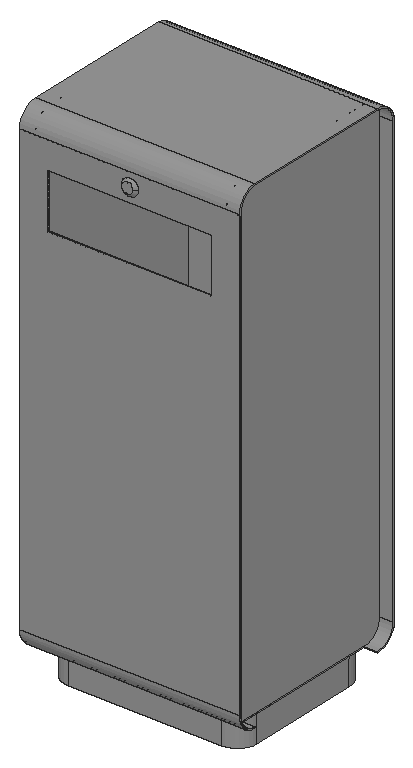
Revit family "Урна для раздельного сбора мусора «Гратия» Арт 12774", category Антураж, Revit 2018
Family settings
  На основе рабочей плоскости = Нет
  Всегда вертикально = Да
  При загрузке вырезать с полостями = Нет
  Источник визуального образа = Геометрия семейства
  Общий = Нет
  Точка расчета площади = Нет
Parameters (values of type "Урна для раздельного сбора мусора «Гратия»")
  Ширина = 350 mm  # constant formula
  Цвет урны = Сталь
  Цвет отходов = Желтый
  Описание = "Урна для раздельного сбора мусора «Гратия»"  # constant formula
  Материал изделия = "Сталь"  # constant formula
  Изображение типоразмера = Урна для раздельного сбора мусора «Гратия» Арт 12774.jpg
  Изготовитель = "ООО «Хоббика»"  # constant formula
  Длина = 400 mm  # constant formula
  Группа модели = "Уличные урны"  # constant formula
  Высота = 937 mm  # constant formula
  Артикул товара = "Арт. 12774"  # constant formula
  URL = "https://hobbyka.ru/product/urna_dlya_razdelnogo_sbora_musora_gratiya/"
Reference planes
  plane 1 "По центру (Вперед/Назад)": y = 0
  plane 2: z = 0
  plane 3 "По центру (Влево/Вправо)": x = 0
  plane 4: x = 400
  plane 5: y = 350
  plane 6: z = 937
Forms (mm)
  Extrusion 1, solid, material "Сталь" <- "Цвет урны"
    sketch origin (0, 0, 0) x (0, 1, 0) y (0, 0, 1)
      loop
        line (315, 937) -> (35, 937)
        arc (35, 937) -> (10.251, 926.749) -> (0, 902) r 35
        line (0, 902) -> (1, 902) -> (1, 85)
        arc (1, 85) -> (10.958, 60.958) -> (35, 51) r 34
        line (35, 51) -> (35, 52)
        arc (35, 52) -> (11.665, 61.665) -> (2, 85) r 33
        line (2, 85) -> (2, 902)
        arc (2, 902) -> (11.665, 925.335) -> (35, 935) r 33
        line (35, 935) -> (315, 935)
        arc (315, 935) -> (338.335, 925.335) -> (348, 902) r 33
        line (348, 902) -> (348, 85)
        arc (348, 85) -> (338.335, 61.665) -> (315, 52) r 33
        line (315, 52) -> (315, 50)
        arc (315, 50) -> (339.749, 60.251) -> (350, 85) r 35
        line (350, 85) -> (350, 902)
        arc (350, 902) -> (339.749, 926.749) -> (315, 937) r 35
    from 0 to 400
  Extrusion 2, solid, material "Желтый" <- "Цвет отходов"
    sketch origin (0, 0, 0) x (0, 1, 0) y (0, 0, 1)
      loop
        line (1, 85) -> (1, 902) -> (0, 902) -> (0, 85)
        arc (0, 85) -> (10.251, 60.251) -> (35, 50) r 35
        line (35, 50) -> (35, 51)
        arc (35, 51) -> (10.958, 60.958) -> (1, 85) r 34
    from 0 to 400
  Extrusion 3, solid, material "Сталь" <- "Цвет урны"
    sketch origin (0, 0, 0) x (0, 1, 0) y (0, 0, 1)
      loop
        line (2, 902) -> (2, 85)
        arc (2, 85) -> (11.665, 61.665) -> (35, 52) r 33
        line (35, 52) -> (35, 50) -> (315, 50) -> (315, 52)
        arc (315, 52) -> (338.335, 61.665) -> (348, 85) r 33
        line (348, 85) -> (348, 902)
        arc (348, 902) -> (338.335, 925.335) -> (315, 935) r 33
        line (315, 935) -> (35, 935)
        arc (35, 935) -> (11.665, 925.335) -> (2, 902) r 33
    from 27 to 25
  Extrusion 4, solid, material "Сталь" <- "Цвет урны"
    sketch origin (0, 0, 0) x (0, 1, 0) y (0, 0, 1)
      loop
        line (2, 902) -> (2, 85)
        arc (2, 85) -> (11.665, 61.665) -> (35, 52) r 33
        line (35, 52) -> (35, 50) -> (315, 50) -> (315, 52)
        arc (315, 52) -> (338.335, 61.665) -> (348, 85) r 33
        line (348, 85) -> (348, 902)
        arc (348, 902) -> (338.335, 925.335) -> (315, 935) r 33
        line (315, 935) -> (35, 935)
        arc (35, 935) -> (11.665, 925.335) -> (2, 902) r 33
    from 373 to 375
  Extrusion 5, solid, material "Сталь" <- "Цвет урны"
    sketch origin (0, 0, 0) x (1, 0, 0) y (0, 1, 0)
      loop
        line (375, 315) -> (25, 315) -> (25, 35) -> (375, 35) -> (375, 315)
    from 50 to 52
  Extrusion 6, solid, material "Сталь" <- "Цвет урны"
    sketch origin (0, 0, 0) x (1, 0, 0) y (0, 1, 0)
      loop
        line (340, 315) -> (60, 315)
        arc (60, 315) -> (35.251, 304.749) -> (25, 280) r 35
        line (25, 280) -> (25, 70)
        arc (25, 70) -> (35.251, 45.251) -> (60, 35) r 35
        line (60, 35) -> (340, 35)
        arc (340, 35) -> (364.749, 45.251) -> (375, 70) r 35
        line (375, 70) -> (375, 280)
        arc (375, 280) -> (364.749, 304.749) -> (340, 315) r 35
    from 0 to 50
  Extrusion 7, void
    sketch origin (0, 0, 0) x (1, 0, 0) y (0, 0, 1)
      loop
        line (50, 852) -> (50, 752) -> (350, 752) -> (350, 852) -> (50, 852)
    from 0 to -50
  Blend 8, solid, material "Хром"
    base sketch origin (0, 0, 0) x (1, 0, 0) y (0, 0, 1)
      loop
        circle (200, 877) r 15
    top sketch origin (0, 0, 0) x (1, 0, 0) y (0, 0, 1)
      loop
        circle (200, 877) r 10
    from 0 to 5
Cuts and joins
  Extrusion 7 cuts Extrusion 2
  Extrusion 7 cuts Extrusion 1
Dimensions and locks
  "Длина": plane 3 "По центру (Влево/Вправо)" to plane 4
  "Ширина": plane 5 to plane 1 "По центру (Вперед/Назад)"
  "Высота": plane 6 to plane 2
  aligned and locked: level to plane 2
Automatic sketch dimensions
  Extrusion 1 sketch curve to Extrusion 1 sketch curve = 0 mm  (x8)
  Extrusion 1 sketch curve to plane 1 "По центру (Вперед/Назад)" = 0 mm
  Extrusion 1 sketch curve to plane 6 = 0 mm
  Extrusion 1 sketch curve to plane 5 = 0 mm
  Extrusion 1 sketch curve to Extrusion 1 sketch curve = 1 mm  (x2)
  Extrusion 1 sketch curve to Extrusion 1 sketch curve = 33 mm  (x2)
  Extrusion 1 sketch curve to plane 5 = 35 mm  (x2)
  level to Extrusion 1 sketch curve = 85 mm  (x2)
  Extrusion 2 sketch curve to Extrusion 2 sketch curve = 0 mm  (x2)
  Extrusion 2 sketch curve to plane 1 "По центру (Вперед/Назад)" = 0 mm
  Extrusion 2 sketch curve to plane 1 "По центру (Вперед/Назад)" = 1 mm
  Extrusion 2 sketch curve to plane 1 "По центру (Вперед/Назад)" = 35 mm
  level to Extrusion 2 sketch curve = 50 mm
  Extrusion 2 sketch curve to plane 6 = 35 mm
  Extrusion 3 sketch curve to plane 1 "По центру (Вперед/Назад)" = 2 mm
  Extrusion 3 sketch curve to plane 1 "По центру (Вперед/Назад)" = 35 mm  (x2)
  Extrusion 3 sketch curve to plane 6 = 2 mm
  Extrusion 3 sketch curve to plane 5 = 35 mm  (x2)
  Extrusion 3 sketch curve to plane 5 = 2 mm
  level to Extrusion 3 sketch curve = 85 mm  (x2)
  Extrusion 3 sketch curve to Extrusion 3 sketch curve = 2 mm
  Extrusion 4 sketch curve to plane 1 "По центру (Вперед/Назад)" = 2 mm
  Extrusion 4 sketch curve to plane 1 "По центру (Вперед/Назад)" = 35 mm  (x2)
  Extrusion 4 sketch curve to plane 6 = 2 mm
  Extrusion 4 sketch curve to plane 5 = 35 mm  (x2)
  Extrusion 4 sketch curve to plane 5 = 2 mm
  level to Extrusion 4 sketch curve = 85 mm  (x2)
  Extrusion 4 sketch curve to Extrusion 4 sketch curve = 2 mm
  plane 3 "По центру (Влево/Вправо)" to Extrusion 5 sketch curve = 25 mm
  Extrusion 5 sketch curve to plane 4 = 25 mm
  Extrusion 5 sketch curve to plane 1 "По центру (Вперед/Назад)" = 35 mm
  Extrusion 5 sketch curve to plane 5 = 35 mm
  Extrusion 6 sketch curve to Extrusion 6 sketch curve = 35 mm  (x3)
  Extrusion 6 sketch curve to plane 4 = 60 mm
  Extrusion 6 sketch curve to plane 1 "По центру (Вперед/Назад)" = 35 mm
  plane 3 "По центру (Влево/Вправо)" to Extrusion 6 sketch curve = 60 mm
  Extrusion 6 sketch curve to plane 4 = 25 mm
  Extrusion 6 sketch curve to plane 5 = 70 mm
  plane 3 "По центру (Влево/Вправо)" to Extrusion 7 sketch curve = 50 mm
  Extrusion 7 sketch curve to plane 4 = 50 mm
  Extrusion 7 sketch curve to plane 6 = 185 mm
  Extrusion 7 sketch curve to plane 6 = 85 mm
  Blend 8 sketch curve to plane 6 = 60 mm  (x2)
  plane 3 "По центру (Влево/Вправо)" to Blend 8 sketch curve = 200 mm  (x2)
  radius of Blend 8 sketch curve = 15 mm
  radius of Blend 8 sketch curve = 10 mm
